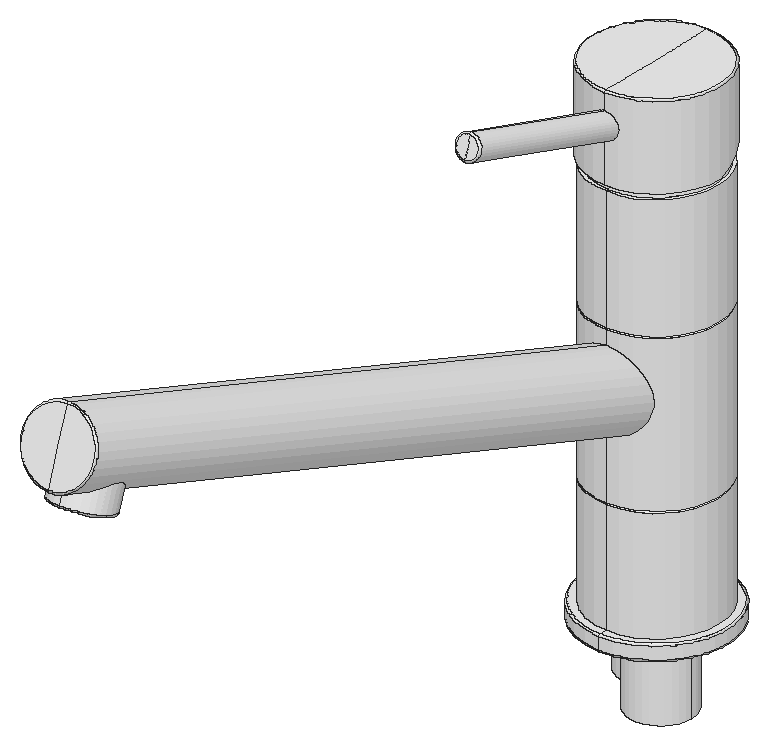
Revit family "Mixer-Sink-Stylus Cadet", category Plumbing Fixtures, host Face, Revit 2013
Parameters (values of type "Standard")
  Waste Connection = no
  Vent Connection = no
  URL = "www.stylus.com.au"
  Type Comments = "Stylus Cadet Sink Mixer"  # constant formula
  ModifiedIssue_ANZRS = 2013.1  # constant formula
  Model = "631321C4A"  # constant formula
  Material_ANZRS = Metal-Chrome-Caroma
  Manufacturer = "GWA Bathrooms & Kitchens"  # constant formula
  HWFU = 1.98  # constant formula
  HW Connection = yes
  Description = "WELS 4 Star Rated, 7.5L/min"  # constant formula
  Default Elevation = 900 mm
  CreatedBy_ANZRS = "Design Content"  # constant formula
  CreatedByURL_ANZRS = "www.designcontent.com.au"
  Cost = 0
  Connector Radius = 10 mm
  CWFU = 1.98  # constant formula
  CW Connection = yes
  Assembly Code = "C1030210"
Reference planes
  plane 1 "Center (Front/Back)": y = 0
  plane 2: z = 0
  plane 3 "Center (Left/Right)": x = 0
Forms (mm)
  Revolve 1, solid, material "Metal-Chrome-Caroma" <- "Material_ANZRS"
    sketch origin (0, -129.116, 53.681) x (0, 1, 0) y (0, 0, 1)
      loop
        line (117.265, 97.65) -> (55.148, 117.833)
        arc (55.148, 117.833) -> (54.767, 117.803) -> (54.518, 117.512) r 0.5
        line (54.518, 117.512) -> (53.445, 114.21) -> (116.037, 93.872) -> (117.265, 97.65)
      axis (53.445, 114.21) -> (116.037, 93.872)
    angle from 0 to 360
  Revolve 2, solid, material "Metal-Chrome-Caroma" <- "Material_ANZRS"
    sketch origin (0, -169.116, -10.829) x (0, 1, 0) y (0, 0, 1)
      loop
        line (-66.345, 175.473) -> (-70.272, 164.682) -> (163.969, 79.425) -> (168.068, 90.686) -> (-65.704, 175.772)
        arc (-65.704, 175.772) -> (-66.086, 175.755) -> (-66.345, 175.473) r 0.5
      axis (-70.272, 164.682) -> (163.969, 79.425)
    angle from 0 to 360
  Revolve 3, solid, material "Metal-Chrome-Caroma" <- "Material_ANZRS"
    sketch origin (0, -182.98, 78.136) x (0, 1, 0) y (0, 0, 1)
      loop
        line (-47.022, 54.743) -> (-38.566, 51.665)
        arc (-38.566, 51.665) -> (-38.184, 51.681) -> (-37.925, 51.964) r 0.5
        line (-37.925, 51.964) -> (-32.418, 67.095) -> (-41.344, 70.344) -> (-47.022, 54.743)
      axis (-47.022, 54.743) -> (-41.344, 70.344)
    angle from 0 to 360
  Extrusion 4, solid, material "Metal-Chrome-Caroma" <- "Material_ANZRS"
    sketch origin (14.142, 0, 0) x (1, 0, 0) y (0, 1, 0)
      loop
        circle (-7.071, -7.071) r 10
    from -20 to 0
  Extrusion 5, solid, material "Metal-Chrome-Caroma" <- "Material_ANZRS"
    sketch origin (-14.142, 0, 0) x (-1, 0, 0) y (0, -1, 0)
      loop
        circle (-7.071, -7.071) r 10
    from -20 to 0
  Revolve 6, solid, material "Metal-Chrome-Caroma" <- "Material_ANZRS"
    sketch origin (0, 0, 0) x (0, 1, 0) y (0, 0, 1)
      loop
        line (0, 0) -> (22.5, 0)
        arc (22.5, 0) -> (22.854, 0.146) -> (23, 0.5) r 0.5
        line (23, 0.5) -> (23, 4.5)
        arc (23, 4.5) -> (22.854, 4.854) -> (22.5, 5) r 0.5
        line (22.5, 5) -> (20.061, 5) -> (20.061, 40.97) -> (19.137, 41.235) -> (20.061, 41.57) -> (20.061, 91.1) -> (19.137, 91.365) -> (20.061, 91.7) -> (20.061, 130.9) -> (18.957, 130.9)
        arc (18.957, 130.9) -> (17.606, 136.202) -> (14.801, 140.9) r 19.025
        line (14.801, 140.9) -> (0, 140.9) -> (0, 0)
      axis (0, 140.9) -> (0, 0)
    angle from 0 to 360
  Revolve 7, solid, material "Metal-Chrome-Caroma" <- "Material_ANZRS"
    sketch origin (0, 0, 0) x (0, 1, 0) y (0, 0, 1)
      loop
        line (0, 132.9) -> (20.585, 132.9) -> (20.585, 159.4)
        arc (20.585, 159.4) -> (20.439, 159.754) -> (20.085, 159.9) r 0.5
        line (20.085, 159.9) -> (0, 159.9) -> (0, 132.9)
      axis (0, 159.9) -> (0, 132.9)
    angle from 0 to 360
  Extrusion 8, void
    sketch origin (0, 0, 0) x (0, 1, 0) y (0, 0, 1)
      loop
        line (-2.247, 132.038) -> (22.509, 132.038) -> (22.509, 141.54) -> (-2.247, 132.038)
    from -100 to 100
Cuts and joins
  Extrusion 8 cuts Revolve 7
  joined: Revolve 1, Revolve 2, Revolve 3, Revolve 6, Revolve 7
Lines and regions (mm)
  Masking region 1
    outline origin (0, 0, 0) x (0, 1, 0) y (0, 0, 1)
      loop
        line (0, 0) -> (22.5, 0)
        arc (22.5, 0) -> (22.854, 0.146) -> (23, 0.5) r 0.5
        line (23, 0.5) -> (23, 4.5)
        arc (23, 4.5) -> (22.854, 4.854) -> (22.5, 5) r 0.5
        line (22.5, 5) -> (20.061, 5) -> (20.061, 40.97) -> (19.137, 41.235) -> (20.061, 41.57) -> (20.061, 91.1) -> (19.137, 91.365) -> (20.061, 91.7) -> (20.061, 130.9) -> (18.957, 130.9)
        arc (18.957, 130.9) -> (18.015, 135.127) -> (16.141, 139.031) r 19.025
        line (16.141, 139.031) -> (20.585, 140.737) -> (20.585, 159.4)
        arc (20.585, 159.4) -> (20.439, 159.754) -> (20.085, 159.9) r 0.5
        line (20.085, 159.9) -> (0, 159.9) -> (-20.085, 159.9)
        arc (-20.085, 159.9) -> (-20.439, 159.754) -> (-20.585, 159.4) r 0.5
        line (-20.585, 159.4) -> (-20.585, 154.169) -> (-73.968, 171.514)
        arc (-73.968, 171.514) -> (-74.349, 171.484) -> (-74.598, 171.193) r 0.5
        line (-74.598, 171.193) -> (-75.671, 167.89) -> (-76.744, 164.588)
        arc (-76.744, 164.588) -> (-76.714, 164.206) -> (-76.423, 163.958) r 0.5
        line (-76.423, 163.958) -> (-20.585, 145.815) -> (-20.585, 132.9) -> (-18.637, 132.9)
        arc (-18.637, 132.9) -> (-18.824, 131.904) -> (-18.957, 130.9) r 19.025
        line (-18.957, 130.9) -> (-20.061, 130.9) -> (-20.061, 91.7) -> (-19.137, 91.365) -> (-20.061, 91.1) -> (-20.061, 86.778) -> (-234.82, 164.943)
        arc (-234.82, 164.943) -> (-235.202, 164.927) -> (-235.461, 164.644) r 0.5
        line (-235.461, 164.644) -> (-239.388, 153.853) -> (-243.316, 143.062)
        arc (-243.316, 143.062) -> (-243.299, 142.68) -> (-243.017, 142.421) r 0.5
        line (-243.017, 142.421) -> (-237.383, 140.371) -> (-238.757, 136.597)
        arc (-238.757, 136.597) -> (-238.74, 136.215) -> (-238.458, 135.956) r 0.5
        line (-238.458, 135.956) -> (-230.002, 132.878) -> (-221.546, 129.801)
        arc (-221.546, 129.801) -> (-221.164, 129.817) -> (-220.905, 130.1) r 0.5
        line (-220.905, 130.1) -> (-219.532, 133.873) -> (-20.061, 61.272) -> (-20.061, 41.57) -> (-19.137, 41.235) -> (-20.061, 40.97) -> (-20.061, 5) -> (-22.5, 5)
        arc (-22.5, 5) -> (-22.854, 4.854) -> (-23, 4.5) r 0.5
        line (-23, 4.5) -> (-23, 0.5)
        arc (-23, 0.5) -> (-22.854, 0.146) -> (-22.5, 0) r 0.5
        line (-22.5, 0) -> (0, 0)
  Masking region 2
    outline origin (0, 0, 0) x (1, 0, 0) y (0, 0, 1)
      loop
        line (0, 0) -> (22.5, 0)
        arc (22.5, 0) -> (22.854, 0.146) -> (23, 0.5) r 0.5
        line (23, 0.5) -> (23, 4.5)
        arc (23, 4.5) -> (22.854, 4.854) -> (22.5, 5) r 0.5
        line (22.5, 5) -> (20.061, 5) -> (20.061, 40.97) -> (19.137, 41.235) -> (20.061, 41.57) -> (20.061, 91.1) -> (19.137, 91.365) -> (20.061, 91.7) -> (20.061, 130.9) -> (18.957, 130.9)
        arc (18.957, 130.9) -> (18.824, 131.904) -> (18.637, 132.9) r 19.025
        line (18.637, 132.9) -> (20.585, 132.9) -> (20.585, 159.4)
        arc (20.585, 159.4) -> (20.439, 159.754) -> (20.085, 159.9) r 0.5
        line (20.085, 159.9) -> (10.033, 159.9)
        spline (10.033, 159.9) -> (9.662, 160.394) -> (9.263, 160.87) -> (8.836, 161.324) -> (8.383, 161.756) -> (7.905, 162.165) -> (7.405, 162.549) -> (6.882, 162.908) -> (6.34, 163.24) -> (5.779, 163.544) -> (5.2, 163.82) -> (4.607, 164.066) -> (4, 164.282)
        line (4, 164.282) -> (4, 167.544)
        arc (4, 167.544) -> (0, 171.544) -> (-4, 167.544) r 4
        line (-4, 167.544) -> (-4, 164.282)
        spline (-4, 164.282) -> (-4.607, 164.066) -> (-5.2, 163.82) -> (-5.779, 163.544) -> (-6.34, 163.24) -> (-6.882, 162.908) -> (-7.405, 162.549) -> (-7.905, 162.165) -> (-8.383, 161.756) -> (-8.836, 161.324) -> (-9.263, 160.87) -> (-9.662, 160.394) -> (-10.033, 159.9)
        line (-10.033, 159.9) -> (-20.085, 159.9)
        arc (-20.085, 159.9) -> (-20.439, 159.754) -> (-20.585, 159.4) r 0.5
        line (-20.585, 159.4) -> (-20.585, 132.9) -> (-18.637, 132.9)
        arc (-18.637, 132.9) -> (-18.824, 131.904) -> (-18.957, 130.9) r 19.025
        line (-18.957, 130.9) -> (-20.061, 130.9) -> (-20.061, 91.7) -> (-19.137, 91.365) -> (-20.061, 91.1) -> (-20.061, 41.57) -> (-19.137, 41.235) -> (-20.061, 40.97) -> (-20.061, 5) -> (-22.5, 5)
        arc (-22.5, 5) -> (-22.854, 4.854) -> (-23, 4.5) r 0.5
        line (-23, 4.5) -> (-23, 0.5)
        arc (-23, 0.5) -> (-22.854, 0.146) -> (-22.5, 0) r 0.5
        line (-22.5, 0) -> (0, 0)
  Masking region 3
    outline origin (0, 0, 0) x (1, 0, 0) y (0, 1, 0)
      loop
        spline (-12, -238.676) -> (-11.591, -239.883) -> (-10.392, -241.008) -> (-8.485, -241.974) -> (-6, -242.715) -> (-3.106, -243.181) -> (0, -243.34) -> (3.106, -243.181) -> (6, -242.715) -> (8.485, -241.974) -> (10.392, -241.008) -> (11.591, -239.883) -> (12, -238.676)
        line (12, -238.676) -> (12, -19.602)
        arc (12, -19.602) -> (0, 22.983) -> (-12, -19.602) r 22.983
        line (-12, -19.602) -> (-12, -238.676)
  symbolic lines
    curve 1: line (0, -20.061, 86.778) -> (0, -20.061, 61.272)
    curve 2: line (0, -20.061, 91.1) -> (0, 20.061, 91.1)
    curve 3: line (0, -20.061, 91.7) -> (0, 20.061, 91.7)
    curve 4: line (0, 0, 132.9) -> (0, -20.585, 132.9)
    curve 5: line (0, 20.061, 130.9) -> (0, -20.061, 130.9)
    curve 6: arc (0, -20.585, 154.169) -> (0, -20.118, 149.992) -> (0, -20.585, 145.815) r 18.918
    curve 7: line (0, 20.061, 5) -> (0, -20.061, 5)
    curve 8: line (-20.585, 0, 132.9) -> (-12, 0, 132.9)
    curve 9: line (-20.061, 0, 130.9) -> (-12, 0, 130.9)
    curve 10: line (-12, 0, 153.803) -> (-12, 0, 72.335)
    curve 11: line (12, 0, 153.803) -> (12, 0, 72.335)
    curve 12: spline (-12, 0, 153.803) -> (-11.591, 0, 156.68) -> (-10.392, 0, 159.36) -> (-8.485, 0, 161.662) -> (-6, 0, 163.429) -> (-3.106, 0, 164.539) -> (0, 0, 164.918) -> (3.106, 0, 164.539) -> (6, 0, 163.429) -> (8.485, 0, 161.662) -> (10.392, 0, 159.36) -> (11.591, 0, 156.68) -> (12, 0, 153.803)
    curve 13: spline (-12, 0, 72.335) -> (-11.591, 0, 69.471) -> (-10.392, 0, 66.803) -> (-8.485, 0, 64.512) -> (-6, 0, 62.754) -> (-3.106, 0, 61.649) -> (0, 0, 61.272) -> (3.106, 0, 61.649) -> (6, 0, 62.754) -> (8.485, 0, 64.512) -> (10.392, 0, 66.803) -> (11.591, 0, 69.471) -> (12, 0, 72.335)
    curve 14: line (-9.5, 0, 133.44) -> (-9.5, 0, 141.482)
    curve 15: arc (-8.834, 0, 131.966) -> (-9.326, 0, 132.631) -> (-9.5, 0, 133.44) r 1.965
    curve 16: arc (-7.194, 0, 130.97) -> (-8.058, 0, 131.395) -> (-8.834, 0, 131.966) r 5.447
    curve 17: arc (-3.245, 0, 129.975) -> (-5.25, 0, 130.353) -> (-7.194, 0, 130.97) r 16.826
    curve 18: arc (0, 0, 129.778) -> (-1.626, 0, 129.824) -> (-3.245, 0, 129.975) r 25.013
    curve 19: arc (-9.5, 0, 141.482) -> (-9.485, 0, 141.642) -> (-9.439, 0, 141.797) r 0.841
    curve 20: arc (-9.439, 0, 141.797) -> (-9.322, 0, 141.937) -> (-9.145, 0, 141.983) r 0.298
    curve 21: arc (-9.145, 0, 141.983) -> (-8.82, 0, 141.951) -> (-8.498, 0, 141.894) r 4.041
    curve 22: arc (-8.498, 0, 141.894) -> (-8.027, 0, 141.77) -> (-7.567, 0, 141.611) r 6.378
    curve 23: arc (-7.567, 0, 141.611) -> (-6.608, 0, 141.287) -> (-5.625, 0, 141.05) r 11.277
    curve 24: arc (-5.625, 0, 141.05) -> (-4.382, 0, 140.82) -> (-3.136, 0, 140.611) r 74.379
    curve 25: arc (-3.136, 0, 140.611) -> (-1.573, 0, 140.427) -> (0, 0, 140.371) r 19.429
    curve 26: line (9.5, 0, 133.44) -> (9.5, 0, 141.482)
    curve 27: arc (8.834, 0, 131.966) -> (9.326, 0, 132.631) -> (9.5, 0, 133.44) r 1.965
    curve 28: arc (7.194, 0, 130.97) -> (8.058, 0, 131.395) -> (8.834, 0, 131.966) r 5.447
    curve 29: arc (3.245, 0, 129.975) -> (5.25, 0, 130.353) -> (7.194, 0, 130.97) r 16.826
    curve 30: arc (0, 0, 129.778) -> (1.626, 0, 129.824) -> (3.245, 0, 129.975) r 25.013
    curve 31: arc (9.5, 0, 141.482) -> (9.485, 0, 141.642) -> (9.439, 0, 141.797) r 0.841
    curve 32: arc (9.439, 0, 141.797) -> (9.322, 0, 141.937) -> (9.145, 0, 141.983) r 0.298
    curve 33: arc (9.145, 0, 141.983) -> (8.82, 0, 141.951) -> (8.498, 0, 141.894) r 4.041
    curve 34: arc (8.498, 0, 141.894) -> (8.027, 0, 141.77) -> (7.567, 0, 141.611) r 6.378
    curve 35: arc (7.567, 0, 141.611) -> (6.608, 0, 141.287) -> (5.625, 0, 141.05) r 11.277
    curve 36: arc (5.625, 0, 141.05) -> (4.382, 0, 140.82) -> (3.136, 0, 140.611) r 74.379
    curve 37: arc (3.136, 0, 140.611) -> (1.573, 0, 140.427) -> (0, 0, 140.371) r 19.429
    curve 38: line (-20.061, 0, 91.7) -> (-12, 0, 91.7)
    curve 39: line (-20.061, 0, 91.1) -> (-12, 0, 91.1)
    curve 40: line (20.061, 0, 91.7) -> (12, 0, 91.7)
    curve 41: line (20.061, 0, 91.1) -> (12, 0, 91.1)
    curve 42: line (-20.061, 0, 5) -> (20.061, 0, 5)
    curve 43: line (-12, -16.726, 0) -> (-12, -238.676, 0)
    curve 44: circle (0, 0, 0) r 20.585 normal (0, 0, 1)
    curve 45: line (-3.972, -20.198, 0) -> (-3.972, -75.182, 0)
    curve 46: line (3.972, -20.198, 0) -> (3.972, -75.182, 0)
    curve 47: line (12, -16.726, 0) -> (12, -238.676, 0)
    curve 48: spline (-3.972, -75.182, 0) -> (-3.837, -75.594, 0) -> (-3.44, -75.978, 0) -> (-2.809, -76.308, 0) -> (-1.986, -76.561, 0) -> (-1.028, -76.721, 0) -> (0, -76.775, 0) -> (1.028, -76.721, 0) -> (1.986, -76.561, 0) -> (2.809, -76.308, 0) -> (3.44, -75.978, 0) -> (3.837, -75.594, 0) -> (3.972, -75.182, 0)
    curve 49: spline (-12, -238.676, 0) -> (-11.591, -239.883, 0) -> (-10.392, -241.008, 0) -> (-8.485, -241.974, 0) -> (-6, -242.715, 0) -> (-3.106, -243.181, 0) -> (0, -243.34, 0) -> (3.106, -243.181, 0) -> (6, -242.715, 0) -> (8.485, -241.974, 0) -> (10.392, -241.008, 0) -> (11.591, -239.883, 0) -> (12, -238.676, 0)
    curve 50: line (0, -219.532, 133.873) -> (0, -237.383, 140.371)
    curve 51: line (-20.061, 0, 41.57) -> (20.061, 0, 41.57)
    curve 52: line (-20.061, 0, 40.97) -> (20.061, 0, 40.97)
    curve 53: line (12, 0, 132.9) -> (20.585, 0, 132.9)
    curve 54: line (12, 0, 130.9) -> (20.061, 0, 130.9)
    curve 55: line (0, 20.585, 140.802) -> (0, 0, 132.9)
    curve 56: line (0, -20.061, 41.57) -> (0, 20.061, 41.57)
    curve 57: line (0, -20.061, 40.97) -> (0, 20.061, 40.97)
Dimensions and locks
  aligned and locked: plane 2 to host face
  aligned and locked: level to host face
Connectors
  piping at (7.071, -7.071, -20), driven by "Connector Radius", driven by "CWFU"
    settings: on Extrusion 4, index 3, connector radius 0.3937", flow factor 0, pipe flow 0 GPM, pressure drop 0.00 psi, fitting loss kfactor 0, connector angle 0.00°, fixture units 1.98, engagement length 0 mm, flow configuration 3, flow direction 1, fitting loss method 1, system type 20, joint type 0, gender type 0, connector reference index -1, connector utility 0, adjustable connector no, is connector primary yes, fitting loss table "Outlet", connector description "Cold Inlet"
  piping at (-7.071, 7.071, -20), driven by "Connector Radius", driven by "HWFU"
    settings: on Extrusion 5, index 4, connector radius 0.3937", flow factor 0, pipe flow 0 GPM, pressure drop 0.00 psi, fitting loss kfactor 0, connector angle 0.00°, fixture units 1.98, engagement length 0 mm, flow configuration 3, flow direction 1, fitting loss method 1, system type 19, joint type 0, gender type 0, connector reference index -1, connector utility 0, adjustable connector no, is connector primary no, fitting loss table "Outlet", connector description "Hot Inlet"
